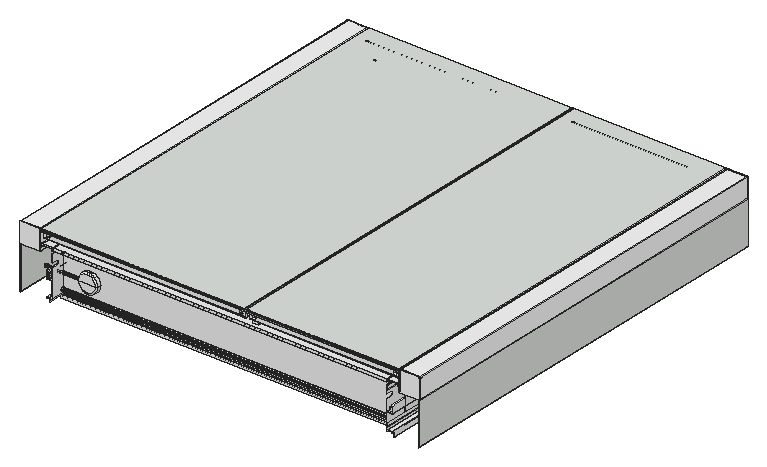
Revit family "Furniture-Lighted_Mirror_Cabinet-KOHLER-Verdera-K-26378T_1", category Lighting Fixtures, host Face, Revit 2021
Family settings
  Host = Face
  Round Connector Dimension = Use Diameter
  Part Type = Normal
  OmniClass Number = 23.25.53.11.13.11
  OmniClass Title = Medicine Cabinet
  Cut with Voids When Loaded = No
  Light Source = Yes
  Shared = No
  Room Calculation Point = No
Parameters (values of type "NA-Mild Silver")
  Width = 30 181/256"  # constant formula
  Wattage Comments = "36W"  # constant formula
  Wattage = 36 W
  WaterSense Certified = 1 = 0  # no
  built-in parameter 1150110 = 1 (stored number, unit not read)
  Voltage = 220 V  # constant formula
  URL = "http://www.kohler.com.cn/"
  Type = 1
  built-in parameter 1114217 = 1 (stored number, unit not read)
  built-in parameter 1150109 = 1 (stored number, unit not read)
  built-in parameter 1150134 = 12
  built-in parameter 1150113 = 1 (stored number, unit not read)
  Product Page URL = "https://www.kohler.com.cn/product/K-26378T-NA/K-26378T-NA/"
  Product Name = "VERDERA"  # constant formula
  Product Documentation Link = "https://files.kohler.com.cn/pdfs/1604632419058_%E6%96%B0%E7%BB%B4%E4%B9%902.0%E9%95%9C%E6%9F%9C%E9%93%B6%E8%89%B2%E7%89%88%E5%AE%89%E8%A3%85%E8%AF%B4%E6%98%8E%E4%B9%A6.pdf"
  Model = "K-26378T-NA"  # constant formula
  Material = "Aluminium"  # constant formula
  Master Format 2014 Name = "Storage Cabinets"  # constant formula
  Master Format 2014 = "41 53 13"  # constant formula
  Manufacturer Address = "Kohler Beijing Office (100016) 36-2-03-B, No. 88, Liuxiang Road, Beijing"  # constant formula
  Manufacturer = "Kohler Co."  # constant formula
  built-in parameter 1150105 = 413.9 (stored number, unit not read)
  Lumens = 1300.32 lm
  built-in parameter 1150115 = 1 (stored number, unit not read)
  Light Source Symbol Size = 9"  # constant formula
  built-in parameter 1150137 = (empty or 0)
  built-in parameter 1150139 = (empty or 0)
  Length = 4 59/64"  # constant formula
  built-in parameter 1150112 = 1 (stored number, unit not read)
  built-in parameter 1150114 = 1 (stored number, unit not read)
  Lamp = "LED "  # constant formula
  built-in parameter 1150132 = 2
  built-in parameter 1150102 = (empty or 0)
  built-in parameter 1150107 = 4000 (stored number, unit not read)
  built-in parameter 1150138 = (empty or 0)
  built-in parameter 1150106 = 4.139 (stored number, unit not read)
  Height = 31 71/128"  # constant formula
  Hardware Included = 1 = 0  # no
  Finish = KOHLER-Metal-NA-Mild_Silver
  Environmental Product Declaration = ""
  Emit from Line Length = 24"
  Electrical Note = "One Dedicated Circuit Required"  # constant formula
  Electrical Connector = 1 = 1  # yes
  built-in parameter 1150104 = 3.3557 (stored number, unit not read)
  Dimming Lamp Color Temperature Shift = Incandescent Lamp Curve
  Description = "New Weile 2.0 Mirror Cabinet (800MM, Silver)"  # constant formula
  Default Elevation = 60"
  Declare Label = ""
  Date Modified = "08/02/2022"  # constant formula
  Date Created = "08/02/2022"  # constant formula
  Copyright = "Copyright Kohler Co."  # constant formula
  Contact Us = "http://www.kohler.com.cn/contact/contact-us/"
  Color Filter = 16777215
  built-in parameter 1114218 = 1 (stored number, unit not read)
  built-in parameter 1150133 = 10 (stored number, unit not read)
  Assembly Code = "E2010"
  Apparent Load = 36 VA  # constant formula
  ADA Compliant = 1 = 0  # no
Reference planes (in)
  plane 1 "Center (Front/Back)": y = 0
  plane 2: z = 0
  plane 3 "Center (Left/Right)": x = 0
  plane 4: y = 15.80709
  plane 5: y = -15.7476
  plane 6: z = 4.92187
  plane 7: y = 15.74846
  plane 8: x = 15.35433
  plane 9: x = -15.3527
  plane 10: x = 1.9685
  plane 11: z = 2.28161
  plane 12: x = 14.5314
  plane 13: z = 4.1342
  plane 14: x = -14.56795
  plane 15: z = 3.34646
  plane 16: x = 2.04724
  plane 17: x = 1.88976
  plane 18: x = 9.96853
  plane 19: x = -13.74016
  plane 20: x = 13.74016
Dimensions and locks (in)
  plane 4 to plane 5 = 31 71/128"
  plane 6 to level = 4 59/64"
  "Length": plane 6 to level
  plane 7 to plane 5 = 31.49606"
  "Height": plane 4 to plane 5
  "Width": plane 9 to plane 8
  plane 16 to plane 20 = 11.69291"
  plane 19 to plane 17 = 15.62992"
  aligned and locked: plane 2 to host face
  aligned and locked: level to host face
Automatic sketch dimensions
  host sketch curve to host sketch curve = 96"  (x2)
Nested families (in)
  nested 1: "K-26378T" at (-1.9685, 0, 0), type "K-26378T"
Connectors (in)
  electrical at (9.96853, 15.80709, 2.28161), driven by "Voltage", driven by "Apparent Load", driven by "Electrical Connector", driven by "Electrical Note"
    settings: on nested 1, index 1, voltage 220 V, apparent load 36 VA, apparent load phase1 0 VA, apparent load phase2 0 VA, apparent load phase3 0 VA, power factor 1, load classification "Lighting", number of poles 1, system type 30, power factor state 1, is connector primary yes, connector utility yes, sub classification motor yes, connector description "One Dedicated Circuit Required"
Definition of nested family "K-26378T"
  Parameters (values of type "K-26378T")
    Wattage = 8.75174 W
    built-in parameter 1150110 = 1 (stored number, unit not read)
    built-in parameter 1114217 = 1 (stored number, unit not read)
    built-in parameter 1150109 = 1 (stored number, unit not read)
    built-in parameter 1150134 = (empty or 0)
    built-in parameter 1150113 = 1 (stored number, unit not read)
    Material = none
    built-in parameter 1150105 = 413.8 (stored number, unit not read)
    Lumens = 1300 lm
    built-in parameter 1150115 = 1 (stored number, unit not read)
    Light Source Symbol Size = 9"
    built-in parameter 1150137 = (empty or 0)
    built-in parameter 1150139 = (empty or 0)
    built-in parameter 1150112 = 1 (stored number, unit not read)
    built-in parameter 1150114 = 1 (stored number, unit not read)
    built-in parameter 1150132 = 2
    built-in parameter 1150102 = (empty or 0)
    built-in parameter 1150107 = 3000 (stored number, unit not read)
    built-in parameter 1150138 = (empty or 0)
    built-in parameter 1150106 = 4.138 (stored number, unit not read)
    Emit from Line Length = 24"
    built-in parameter 1150104 = 13.8 (stored number, unit not read)
    Dimming Lamp Color Temperature Shift = 1
    Default Elevation = 0"
    Color Filter = 16777215
    built-in parameter 1114218 = 1 (stored number, unit not read)
    built-in parameter 1150133 = 10 (stored number, unit not read)
  Reference planes (in)
    plane 1 "Center (Front/Back)": y = 0
    plane 2: z = 0
    plane 3 "Center (Left/Right)": x = 1.9685
    plane 4: x = 17.32283
    plane 5: x = -13.38583
    plane 6: y = 15.80709
    plane 7: y = -15.74803
    plane 8: z = 2.28161
    plane 9: z = 4.92126
    plane 10: y = 15.74803
    plane 11: x = -13.38583
    plane 12: x = 3.93701
    plane 13: z = 4.1342
    plane 14: x = -12.59945
    plane 15: x = 16.53646
    plane 16: z = 3.34646
    plane 17: x = 4.01575
    plane 18: x = 3.85827
    plane 19: x = 15.70866
    plane 20: x = -11.77165
    plane 21: x = 11.93704
  Forms (in)
    Sweep 1, solid
      path origin (0, 0, 0) x (1, 0, 0) y (0, 1, 0)
        loop
          line (15.67717, -15.71654) -> (15.67717, 15.71654) -> (4.04724, 15.71654) -> (4.04724, -15.71654) -> (15.67717, -15.71654)
      profile origin (15.67717, 0, 0) x (-1, 0, 0) y (0, 0, 1)
        loop
          line (0, 4.92126) -> (-0.0315, 4.88976) -> (-0.0315, 4.83465) -> (0, 4.80315) -> (0.77781, 4.80315) -> (0.77781, 4.92126) -> (0, 4.92126)
    Sweep 2, solid
      path origin (-18.89764, 0, 0) x (1, 0, 0) y (0, 1, 0)
        loop
          line (22.72441, -15.71654) -> (22.72441, 15.71654) -> (7.15748, 15.71654) -> (7.15748, -15.71654) -> (22.72441, -15.71654)
      profile origin (3.82677, 0, 0) x (-1, 0, 0) y (0, 0, 1)
        loop
          line (0, 4.92126) -> (-0.0315, 4.88976) -> (-0.0315, 4.83465) -> (0, 4.80315) -> (1.03272, 4.80315) -> (1.03272, 4.92126) -> (0, 4.92126)
    Sweep 3, solid
      path origin (0, 0, 0) x (0, 1, 0) y (0, 0, 1)
        loop
          line (15.70866, 0.11811) -> (15.70866, 3.30709) -> (-15.70866, 3.30709) -> (-15.70866, 0.11811) -> (15.70866, 0.11811)
      profile origin (0, 0, 0.11811) x (0, 0, -1) y (1, 0, 0)
        loop
          line (-0.13338, 17.20472) -> (0, 17.20472) -> (0.03937, 17.24409) -> (0.03937, 17.28346) -> (0, 17.32283) -> (-0.13338, 17.32283) -> (-0.13338, 17.20472)
    Extrusion 4, solid
      sketch origin (-43.39764, 0, 0) x (0, 1, 0) y (0, 0, 1)
        loop
          line (-15.57528, 3.17371) -> (-15.57528, 0.25149) -> (15.57528, 0.25149) -> (15.57528, 3.17371) -> (-15.57528, 3.17371)
      from 60.60236 to 60.72047
    Extrusion 5, solid, material <- "Material", detail levels medium+fine
      sketch origin (0, 0, 0) x (1, 0, 0) y (0, 0, 1)
        loop
          line (15.61007, 3.74016) -> (15.72835, 3.74016)
          arc (15.72835, 3.74016) -> (15.74227, 3.74592) -> (15.74803, 3.75984) r 0.01969
          line (15.74803, 3.75984) -> (15.74803, 3.91732)
          arc (15.74803, 3.91732) -> (15.74227, 3.93124) -> (15.72835, 3.93701) r 0.01969
          line (15.72835, 3.93701) -> (14.78374, 3.93701)
          arc (14.78374, 3.93701) -> (14.76963, 3.93116) -> (14.76378, 3.91705) r 0.01996
          line (14.76378, 3.91705) -> (14.76378, 0.41339)
          arc (14.76378, 0.41339) -> (14.76955, 0.39947) -> (14.78346, 0.3937) r 0.01969
          line (14.78346, 0.3937) -> (15.15227, 0.3937)
          arc (15.15227, 0.3937) -> (15.16709, 0.38756) -> (15.17323, 0.37274) r 0.02096
          line (15.17323, 0.37274) -> (15.17323, 0.03135)
          arc (15.17323, 0.03135) -> (15.20472, -0.00015) -> (15.23622, 0.03135) r 0.0315
          line (15.23622, 0.03135) -> (15.23622, 0.43701)
          arc (15.23622, 0.43701) -> (15.23045, 0.45093) -> (15.21654, 0.45669) r 0.01969
          line (15.21654, 0.45669) -> (14.84646, 0.45669)
          arc (14.84646, 0.45669) -> (14.83254, 0.46246) -> (14.82677, 0.47638) r 0.01969
          line (14.82677, 0.47638) -> (14.82677, 0.63583) -> (14.83858, 0.67991) -> (14.83858, 0.90653) -> (14.82677, 0.93898) -> (14.82677, 1.65354)
          arc (14.82677, 1.65354) -> (14.83254, 1.66746) -> (14.84646, 1.67323) r 0.01969
          line (14.84646, 1.67323) -> (15.21654, 1.67323)
          arc (15.21654, 1.67323) -> (15.23045, 1.67899) -> (15.23622, 1.69291) r 0.01969
          line (15.23622, 1.69291) -> (15.23622, 2.23871)
          arc (15.23622, 2.23871) -> (15.21063, 2.2643) -> (15.18504, 2.23871) r 0.02559
          line (15.18504, 2.23871) -> (15.18504, 2.08895)
          arc (15.18504, 2.08895) -> (15.17534, 2.07199) -> (15.15579, 2.07175) r 0.01969
          arc (15.15579, 2.07175) -> (15.12806, 2.08284) -> (15.09843, 2.08661) r 0.11811
          arc (15.09843, 2.08661) -> (15.05693, 2.07909) -> (15.02073, 2.05746) r 0.11811
          arc (15.02073, 2.05746) -> (15.01788, 2.01591) -> (15.05942, 2.01297) r 0.02948
          arc (15.05942, 2.01297) -> (15.158, 1.96638) -> (15.05717, 1.92489) r 0.0596
          arc (15.05717, 1.92489) -> (15.01607, 1.92398) -> (15.01707, 1.88288) r 0.02904
          arc (15.01707, 1.88288) -> (15.05462, 1.85882) -> (15.09843, 1.85039) r 0.11811
          arc (15.09843, 1.85039) -> (15.12806, 1.85417) -> (15.15579, 1.86526) r 0.11811
          arc (15.15579, 1.86526) -> (15.17534, 1.86502) -> (15.18504, 1.84805) r 0.01969
          line (15.18504, 1.84805) -> (15.18504, 1.75591)
          arc (15.18504, 1.75591) -> (15.17927, 1.74199) -> (15.16535, 1.73622) r 0.01969
          line (15.16535, 1.73622) -> (14.84646, 1.73622)
          arc (14.84646, 1.73622) -> (14.83254, 1.74199) -> (14.82677, 1.75591) r 0.01969
          line (14.82677, 1.75591) -> (14.82677, 3.17424) -> (14.83858, 3.20669) -> (14.83858, 3.48622) -> (14.82677, 3.51867) -> (14.82677, 3.85344)
          arc (14.82677, 3.85344) -> (14.8328, 3.86799) -> (14.84735, 3.87402) r 0.02058
          line (14.84735, 3.87402) -> (15.66535, 3.87402)
          arc (15.66535, 3.87402) -> (15.67927, 3.86825) -> (15.68504, 3.85433) r 0.01969
          line (15.68504, 3.85433) -> (15.68504, 3.82283)
          arc (15.68504, 3.82283) -> (15.67927, 3.80892) -> (15.66535, 3.80315) r 0.01969
          line (15.66535, 3.80315) -> (15.61007, 3.80315) -> (15.61007, 3.74016)
      from -15.74803 to 15.74803
    Extrusion 6, solid
      sketch origin (0, 0, 0) x (-1, 0, 0) y (0, 0, -1)
        loop
          line (-17.32283, -3.38604) -> (-17.32283, -4.88161)
          arc (-17.32283, -4.88161) -> (-17.31122, -4.90965) -> (-17.28318, -4.92126) r 0.03965
          line (-17.28318, -4.92126) -> (-15.78735, -4.92126)
          arc (-15.78735, -4.92126) -> (-15.75955, -4.90974) -> (-15.74803, -4.88194) r 0.03932
          line (-15.74803, -4.88194) -> (-15.74803, -3.38583)
          arc (-15.74803, -3.38583) -> (-15.75956, -3.35799) -> (-15.7874, -3.34646) r 0.03937
          line (-15.7874, -3.34646) -> (-17.28326, -3.34646)
          arc (-17.28326, -3.34646) -> (-17.31124, -3.35805) -> (-17.32283, -3.38604) r 0.03958
        loop
          arc (-15.78735, -4.90157) -> (-15.77347, -4.89582) -> (-15.76772, -4.88194) r 0.01963
          line (-15.76772, -4.88194) -> (-15.76772, -3.38583)
          arc (-15.76772, -3.38583) -> (-15.77348, -3.37191) -> (-15.7874, -3.36614) r 0.01969
          line (-15.7874, -3.36614) -> (-17.28326, -3.36614)
          arc (-17.28326, -3.36614) -> (-17.29732, -3.37197) -> (-17.30315, -3.38604) r 0.01989
          line (-17.30315, -3.38604) -> (-17.30315, -4.88161)
          arc (-17.30315, -4.88161) -> (-17.2973, -4.89573) -> (-17.28318, -4.90157) r 0.01997
          line (-17.28318, -4.90157) -> (-15.78735, -4.90157)
      from -15.68898 to 15.68898
    Extrusion 7, solid, detail levels medium+fine
      sketch origin (0, 0, 0) x (-1, 0, 0) y (0, 0, -1)
        loop
          line (-17.27149, -4.9152) -> (-15.80142, -4.91536)
          arc (-15.80142, -4.91536) -> (-15.76785, -4.90146) -> (-15.75394, -4.86788) r 0.04748
          line (-15.75394, -4.86788) -> (-15.75393, -3.39857)
          arc (-15.75393, -3.39857) -> (-15.76746, -3.3659) -> (-15.80012, -3.35237) r 0.04619
          line (-15.80012, -3.35237) -> (-17.27063, -3.35236)
          arc (-17.27063, -3.35236) -> (-17.30336, -3.36592) -> (-17.31692, -3.39865) r 0.04628
          line (-17.31692, -3.39865) -> (-17.31693, -4.86975)
          arc (-17.31693, -4.86975) -> (-17.30362, -4.90188) -> (-17.27149, -4.9152) r 0.04544
      from -15.74803 to -15.68898
    Extrusion 8, solid
      sketch origin (0, 0, 0) x (-1, 0, 0) y (0, 0, 1)
        loop
          arc (-17.27149, 4.9152) -> (-17.30362, 4.90188) -> (-17.31693, 4.86975) r 0.04544
          line (-17.31693, 4.86975) -> (-17.31692, 3.39865)
          arc (-17.31692, 3.39865) -> (-17.30336, 3.36592) -> (-17.27063, 3.35236) r 0.04628
          line (-17.27063, 3.35236) -> (-15.80012, 3.35237)
          arc (-15.80012, 3.35237) -> (-15.76746, 3.3659) -> (-15.75393, 3.39857) r 0.04619
          line (-15.75393, 3.39857) -> (-15.75394, 4.86788)
          arc (-15.75394, 4.86788) -> (-15.76785, 4.90146) -> (-15.80142, 4.91536) r 0.04748
          line (-15.80142, 4.91536) -> (-17.27149, 4.9152)
      from -15.74803 to -15.68898
    Extrusion 9, solid, material <- "Material", detail levels medium+fine
      sketch origin (0, 0, 0) x (1, 0, 0) y (0, 0, 1)
        loop
          line (15.31496, 1.37795) -> (15.31496, 3.26772) -> (16.77165, 3.26772) -> (16.77165, 3.34646) -> (15.7874, 3.34646) -> (15.27559, 3.34646)
          arc (15.27559, 3.34646) -> (15.24775, 3.33493) -> (15.23622, 3.30709) r 0.03937
          line (15.23622, 3.30709) -> (15.23622, 1.37795) -> (15.31496, 1.37795)
      from -14.54724 to -13.36614
    Extrusion 10, solid, material <- "Material", detail levels medium+fine
      sketch origin (0, -13.8189, 0) x (1, 0, 0) y (0, 0, 1)
        loop
          line (15.31496, 1.37795) -> (15.31496, 3.26772) -> (16.77165, 3.26772) -> (16.77165, 3.34646) -> (15.7874, 3.34646) -> (15.27559, 3.34646)
          arc (15.27559, 3.34646) -> (15.24775, 3.33493) -> (15.23622, 3.30709) r 0.03937
          line (15.23622, 3.30709) -> (15.23622, 1.37795) -> (15.31496, 1.37795)
      from -14.40945 to -13.22835
    Extrusion 11, solid, material <- "Material", detail levels medium+fine
      sketch origin (0, -27.59843, 0) x (1, 0, 0) y (0, 0, 1)
        loop
          line (15.31496, 1.37795) -> (15.31496, 3.26772) -> (16.77165, 3.26772) -> (16.77165, 3.34646) -> (15.7874, 3.34646) -> (15.27559, 3.34646)
          arc (15.27559, 3.34646) -> (15.24775, 3.33493) -> (15.23622, 3.30709) r 0.03937
          line (15.23622, 3.30709) -> (15.23622, 1.37795) -> (15.31496, 1.37795)
      from -14.23228 to -13.05118
    Extrusion 12, solid, material <- "Material", detail levels medium+fine
      sketch origin (0, 0, 0) x (1, 0, 0) y (0, 0, 1)
        loop
          arc (15.64961, 4.75183) -> (15.6438, 4.76585) -> (15.62979, 4.77165) r 0.01982
          line (15.62979, 4.77165) -> (4.0768, 4.77165)
          arc (4.0768, 4.77165) -> (4.06147, 4.7653) -> (4.05512, 4.74998) r 0.02168
          line (4.05512, 4.74998) -> (4.05512, 4.16324)
          arc (4.05512, 4.16324) -> (4.06142, 4.14803) -> (4.07663, 4.14173) r 0.02151
          line (4.07663, 4.14173) -> (15.60922, 4.14173)
          arc (15.60922, 4.14173) -> (15.63778, 4.15356) -> (15.64961, 4.18211) r 0.04038
          line (15.64961, 4.18211) -> (15.64961, 4.75183)
      from -15.41339 to 15.41339
    Extrusion 13, solid, material <- "Material", detail levels medium+fine
      sketch origin (0, 0, 0.00124) x (0, 1, 0) y (0, 0, 1)
        loop
          line (15.51181, 4.1897) -> (15.51181, 4.63386)
          arc (15.51181, 4.63386) -> (15.52334, 4.6617) -> (15.55118, 4.67323) r 0.03937
          line (15.55118, 4.67323) -> (15.66022, 4.67323)
          arc (15.66022, 4.67323) -> (15.70943, 4.72244) -> (15.66022, 4.77165) r 0.04921
          line (15.66022, 4.77165) -> (15.41339, 4.77165) -> (15.41339, 4.1897)
          arc (15.41339, 4.1897) -> (15.4626, 4.14049) -> (15.51181, 4.1897) r 0.04921
      from 4.05512 to 15.66929
    Extrusion 14, solid, material <- "Material", detail levels medium+fine
      sketch origin (-14.4685, 0, 0.03182) x (0, 1, 0) y (0, 0, 1)
        loop
          line (15.51181, 4.19063) -> (15.51181, 4.63386)
          arc (15.51181, 4.63386) -> (15.52334, 4.6617) -> (15.55118, 4.67323) r 0.03937
          line (15.55118, 4.67323) -> (15.66022, 4.67323)
          arc (15.66022, 4.67323) -> (15.70929, 4.7223) -> (15.66022, 4.77137) r 0.04907
          line (15.66022, 4.77137) -> (15.41339, 4.77137) -> (15.41339, 4.19063)
          arc (15.41339, 4.19063) -> (15.4626, 4.14142) -> (15.51181, 4.19063) r 0.04921
      from 2.73622 to 16.77165
    Extrusion 15, solid, material <- "Material", detail levels medium+fine
      sketch origin (0.005, 0, 0.03268) x (1, 0, 0) y (0, 0, 1)
        loop
          line (2.31853, 4.14055) -> (3.7852, 4.14055)
          arc (3.7852, 4.14055) -> (3.79962, 4.14563) -> (3.80766, 4.15862) r 0.02299
          arc (3.80766, 4.15862) -> (3.80857, 4.17899) -> (3.8026, 4.19848) r 0.05991
          arc (3.8026, 4.19848) -> (3.74214, 4.46544) -> (3.8147, 4.72938) r 0.56315
          arc (3.8147, 4.72938) -> (3.80461, 4.75824) -> (3.77658, 4.77047) r 0.03822
          line (3.77658, 4.77047) -> (2.31787, 4.77047)
          arc (2.31787, 4.77047) -> (2.30393, 4.7647) -> (2.29815, 4.75076) r 0.01971
          line (2.29815, 4.75076) -> (2.29815, 4.16093)
          arc (2.29815, 4.16093) -> (2.30412, 4.14652) -> (2.31853, 4.14055) r 0.02038
      from -15.735 to 15.41339
    Extrusion 16, void
      sketch origin (0.005, 0, 0.03268) x (0, 1, 0) y (0, 0, 1)
        loop
          line (15.65878, 4.67236) -> (15.51797, 4.67236)
          arc (15.51797, 4.67236) -> (15.48578, 4.65903) -> (15.47244, 4.62683) r 0.04553
          line (15.47244, 4.62683) -> (15.47244, 4.12818) -> (15.78687, 4.12818) -> (15.78687, 4.80708) -> (15.65878, 4.80708)
          arc (15.65878, 4.80708) -> (15.72614, 4.73972) -> (15.65878, 4.67236) r 0.06736
      from 2.2822 to 3.94253
    Extrusion 17, solid
      sketch origin (0, 0, 0) x (1, 0, 0) y (0, 1, 0)
        loop
          line (-11.61365, 15.59003) -> (-11.61365, -15.59003) -> (3.71995, -15.59003) -> (3.71995, 15.59003) -> (-11.61365, 15.59003)
      from 4.80315 to 4.92126
    Sweep 18, solid
      path origin (3.93701, 0, 0) x (0, 1, 0) y (0, 0, -1)
        loop
          line (15.70866, -0.11811) -> (-15.70866, -0.11811) -> (-15.70866, -3.30709) -> (15.70866, -3.30709) -> (15.70866, -0.11811)
      profile origin (3.93701, 0, 0.11811) x (0, 0, 1) y (-1, 0, 0)
        loop
          line (0.13338, 17.20472) -> (0.13338, 17.32283) -> (0, 17.32283) -> (-0.03937, 17.28346) -> (-0.03937, 17.24409) -> (0, 17.20472) -> (0.13338, 17.20472)
    Extrusion 19, solid
      sketch origin (3.93701, 0, 0) x (0, 1, 0) y (0, 0, -1)
        loop
          line (-15.57528, -3.17371) -> (15.57528, -3.17371) -> (15.57528, -0.25149) -> (-15.57528, -0.25149) -> (-15.57528, -3.17371)
      from 17.20472 to 17.32283
    Extrusion 20, solid
      sketch origin (3.93582, 0, 0) x (1, 0, 0) y (0, 0, 1)
        loop
          arc (-17.32283, 3.38604) -> (-17.31124, 3.35805) -> (-17.28326, 3.34646) r 0.03958
          line (-17.28326, 3.34646) -> (-15.7874, 3.34646)
          arc (-15.7874, 3.34646) -> (-15.75956, 3.35799) -> (-15.74803, 3.38583) r 0.03937
          line (-15.74803, 3.38583) -> (-15.74803, 4.88194)
          arc (-15.74803, 4.88194) -> (-15.75955, 4.90974) -> (-15.78735, 4.92126) r 0.03932
          line (-15.78735, 4.92126) -> (-17.28318, 4.92126)
          arc (-17.28318, 4.92126) -> (-17.31122, 4.90965) -> (-17.32283, 4.88161) r 0.03965
          line (-17.32283, 4.88161) -> (-17.32283, 3.38604)
        loop
          line (-15.78735, 4.90157) -> (-17.28318, 4.90157)
          arc (-17.28318, 4.90157) -> (-17.2973, 4.89573) -> (-17.30315, 4.88161) r 0.01997
          line (-17.30315, 4.88161) -> (-17.30315, 3.38604)
          arc (-17.30315, 3.38604) -> (-17.29732, 3.37197) -> (-17.28326, 3.36614) r 0.01989
          line (-17.28326, 3.36614) -> (-15.7874, 3.36614)
          arc (-15.7874, 3.36614) -> (-15.77348, 3.37191) -> (-15.76772, 3.38583) r 0.01969
          line (-15.76772, 3.38583) -> (-15.76772, 4.88194)
          arc (-15.76772, 4.88194) -> (-15.77347, 4.89582) -> (-15.78735, 4.90157) r 0.01963
      from -15.68898 to 15.68898
    Extrusion 21, solid, material <- "Material", detail levels medium+fine
      sketch origin (3.93701, 0, 0) x (-1, 0, 0) y (0, 0, -1)
        loop
          line (15.31496, -1.37795) -> (15.23622, -1.37795) -> (15.23622, -3.30709)
          arc (15.23622, -3.30709) -> (15.24775, -3.33493) -> (15.27559, -3.34646) r 0.03937
          line (15.27559, -3.34646) -> (15.7874, -3.34646) -> (16.77165, -3.34646) -> (16.77165, -3.26772) -> (15.31496, -3.26772) -> (15.31496, -1.37795)
      from -14.54724 to -13.36614
    Extrusion 22, solid, material <- "Material", detail levels medium+fine
      sketch origin (3.93701, -13.8189, 0) x (-1, 0, 0) y (0, 0, -1)
        loop
          line (15.31496, -1.37795) -> (15.23622, -1.37795) -> (15.23622, -3.30709)
          arc (15.23622, -3.30709) -> (15.24775, -3.33493) -> (15.27559, -3.34646) r 0.03937
          line (15.27559, -3.34646) -> (15.7874, -3.34646) -> (16.77165, -3.34646) -> (16.77165, -3.26772) -> (15.31496, -3.26772) -> (15.31496, -1.37795)
      from -14.40945 to -13.22835
    Extrusion 23, solid, material <- "Material", detail levels medium+fine
      sketch origin (3.93701, -27.59843, 0) x (-1, 0, 0) y (0, 0, -1)
        loop
          line (15.31496, -1.37795) -> (15.23622, -1.37795) -> (15.23622, -3.30709)
          arc (15.23622, -3.30709) -> (15.24775, -3.33493) -> (15.27559, -3.34646) r 0.03937
          line (15.27559, -3.34646) -> (15.7874, -3.34646) -> (16.77165, -3.34646) -> (16.77165, -3.26772) -> (15.31496, -3.26772) -> (15.31496, -1.37795)
      from -14.23228 to -13.05118
    Extrusion 24, solid
      sketch origin (0, 0, 0) x (1, 0, 0) y (0, 1, 0)
        loop
          line (4.15407, 15.59003) -> (4.15407, -15.59003) -> (15.53097, -15.59003) -> (15.53097, 15.59003) -> (4.15407, 15.59003)
      from 4.80315 to 4.92126
    Extrusion 25, solid, material <- "Material", detail levels medium+fine
      sketch origin (0, 0, 0) x (0, 1, 0) y (0, 0, 1)
        loop
          line (-15.03937, 0.45669) -> (-15.03937, 0.23626) -> (-14.98031, 0.23626) -> (-14.98031, 0.3937) -> (-14.48876, 0.3937) -> (-14.48876, 0.45669) -> (-14.76378, 0.45669) -> (-14.76378, 3.93701) -> (-15.74803, 3.93701) -> (-15.74803, 3.74016) -> (-15.61024, 3.74016) -> (-15.61024, 3.80315) -> (-15.68504, 3.80315) -> (-15.68504, 3.87402) -> (-14.82677, 3.87402) -> (-14.82677, 3.4609)
          arc (-14.82677, 3.4609) -> (-14.83776, 3.44238) -> (-14.85928, 3.44316) r 0.0211
          arc (-14.85928, 3.44316) -> (-14.93337, 3.46127) -> (-15.00287, 3.42988) r 0.117
          arc (-15.00287, 3.42988) -> (-15.00421, 3.38943) -> (-14.96377, 3.38776) r 0.02873
          arc (-14.96377, 3.38776) -> (-14.86285, 3.34318) -> (-14.9639, 3.29888) r 0.06027
          arc (-14.9639, 3.29888) -> (-15.00456, 3.29736) -> (-15.00344, 3.25669) r 0.02891
          arc (-15.00344, 3.25669) -> (-14.93136, 3.22459) -> (-14.8553, 3.24555) r 0.117
          arc (-14.8553, 3.24555) -> (-14.83653, 3.2468) -> (-14.82677, 3.23073) r 0.01811
          line (-14.82677, 3.23073) -> (-14.82677, 0.90007)
          arc (-14.82677, 0.90007) -> (-14.83653, 0.884) -> (-14.8553, 0.88525) r 0.01811
          arc (-14.8553, 0.88525) -> (-14.93136, 0.90621) -> (-15.00344, 0.87412) r 0.117
          arc (-15.00344, 0.87412) -> (-15.00456, 0.83345) -> (-14.9639, 0.83193) r 0.02891
          arc (-14.9639, 0.83193) -> (-14.86285, 0.78763) -> (-14.96377, 0.74304) r 0.06027
          arc (-14.96377, 0.74304) -> (-15.00421, 0.74137) -> (-15.00287, 0.70092) r 0.02873
          arc (-15.00287, 0.70092) -> (-14.93337, 0.66953) -> (-14.85928, 0.68764) r 0.117
          arc (-14.85928, 0.68764) -> (-14.83776, 0.68842) -> (-14.82677, 0.6699) r 0.0211
          line (-14.82677, 0.6699) -> (-14.82677, 0.45669) -> (-15.03937, 0.45669)
      from -10.82677 to 14.76378
    Extrusion 26, solid, material <- "Material", detail levels medium+fine
      sketch origin (0, 0, 0.00124) x (0, -1, 0) y (0, 0, -1)
        loop
          arc (15.51181, -4.1897) -> (15.4626, -4.14049) -> (15.41339, -4.1897) r 0.04921
          line (15.41339, -4.1897) -> (15.41339, -4.77041) -> (15.66022, -4.77041)
          arc (15.66022, -4.77041) -> (15.70943, -4.7212) -> (15.66022, -4.67198) r 0.04921
          line (15.66022, -4.67198) -> (15.55118, -4.67198)
          arc (15.55118, -4.67198) -> (15.52334, -4.66045) -> (15.51181, -4.63261) r 0.03937
          line (15.51181, -4.63261) -> (15.51181, -4.1897)
      from 4.05512 to 15.66929
    Extrusion 27, solid, material <- "Material", detail levels medium+fine
      sketch origin (-14.4685, 0, 0.03306) x (0, -1, 0) y (0, 0, -1)
        loop
          arc (15.51181, -4.1897) -> (15.4626, -4.14049) -> (15.41339, -4.1897) r 0.04921
          line (15.41339, -4.1897) -> (15.41339, -4.77165) -> (15.66022, -4.77165)
          arc (15.66022, -4.77165) -> (15.70943, -4.72244) -> (15.66022, -4.67323) r 0.04921
          line (15.66022, -4.67323) -> (15.55118, -4.67323)
          arc (15.55118, -4.67323) -> (15.52334, -4.6617) -> (15.51181, -4.63386) r 0.03937
          line (15.51181, -4.63386) -> (15.51181, -4.1897)
      from 2.73622 to 18.2874
    Extrusion 28, solid, material <- "Material", detail levels medium+fine
      sketch origin (0, 0, 0) x (0, 1, 0) y (0, 0, 1)
        loop
          line (15.63884, 3.64158) -> (15.74606, 3.63976) -> (15.74606, 0.29724) -> (15.63706, 0.2954)
          arc (15.63706, 0.2954) -> (15.60797, 0.26556) -> (15.63756, 0.23622) r 0.02959
          line (15.63756, 0.23622) -> (15.74438, 0.23622)
          arc (15.74438, 0.23622) -> (15.78872, 0.25459) -> (15.80709, 0.29893) r 0.06271
          line (15.80709, 0.29893) -> (15.80709, 3.64065)
          arc (15.80709, 3.64065) -> (15.78947, 3.68317) -> (15.74695, 3.70079) r 0.06013
          line (15.74695, 3.70079) -> (15.63934, 3.70079)
          arc (15.63934, 3.70079) -> (15.60974, 3.67143) -> (15.63884, 3.64158) r 0.02961
      from -11.61417 to 15.55118
    Revolve 29, solid, material <- "Material", detail levels medium+fine
      sketch origin (-12.11044, -180, 1.95097) x (-1, 0, 0) y (0, -1, 0)
        loop
          line (-4.07469, -164.84055) -> (-4.18115, -164.94701) -> (-4.18115, -165.17323) -> (-3.43307, -165.17323) -> (-3.43307, -164.84055) -> (-4.07469, -164.84055)
        axis (-3.43307, -164.84055) -> (-3.43307, -165.17323)
      angle from 0 to 360
    Extrusion 30, solid, material <- "Material", detail levels medium+fine
      sketch origin (3.93701, 0, 0) x (1, 0, 0) y (0, 1, 0)
        loop
          arc (-13.94228, 10.4252) -> (-13.83093, 10.47132) -> (-13.7848, 10.58268) r 0.15748
          line (-13.7848, 10.58268) -> (-13.7848, 12.88189)
          arc (-13.7848, 12.88189) -> (-13.83093, 12.99325) -> (-13.94228, 13.03937) r 0.15748
          line (-13.94228, 13.03937) -> (-14.49346, 13.03937)
          arc (-14.49346, 13.03937) -> (-14.60482, 12.99325) -> (-14.65094, 12.88189) r 0.15748
          line (-14.65094, 12.88189) -> (-14.65094, 10.58268)
          arc (-14.65094, 10.58268) -> (-14.60482, 10.47132) -> (-14.49346, 10.4252) r 0.15748
          line (-14.49346, 10.4252) -> (-13.94228, 10.4252)
      from 3.95959 to 4.0777
    Extrusion 31, solid, material <- "Material", detail levels medium+fine
      sketch origin (3.93701, 0, 0) x (1, 0, 0) y (0, 1, 0)
        loop
          line (-13.88583, 9.44013) -> (-13.88583, 9.5756)
          arc (-13.88583, 9.5756) -> (-14.17415, 9.80205) -> (-14.46063, 9.57326) r 0.29526
          line (-14.46063, 9.57326) -> (-14.46063, 9.44247)
          arc (-14.46063, 9.44247) -> (-14.17415, 9.21368) -> (-13.88583, 9.44013) r 0.29526
      from 3.98425 to 4.14173
    Extrusion 32, solid, material <- "Material", detail levels medium+fine
      sketch origin (3.93701, 0, 0) x (1, 0, 0) y (0, 1, 0)
        loop
          arc (-14.65094, 10.91435) -> (-13.89608, 11.73228) -> (-14.65094, 12.55022) r 0.82057
          arc (-14.65094, 12.55022) -> (-15.11621, 12.45383) -> (-15.45629, 12.122) r 0.84665
          arc (-15.45629, 12.122) -> (-15.45815, 12.06673) -> (-15.41397, 12.03346) r 0.05993
          arc (-15.41397, 12.03346) -> (-15.4759, 11.73228) -> (-15.41397, 11.4311) r 0.76329
          arc (-15.41397, 11.4311) -> (-15.45815, 11.39784) -> (-15.45629, 11.34256) r 0.05993
          arc (-15.45629, 11.34256) -> (-15.11621, 11.01074) -> (-14.65094, 10.91435) r 0.84665
      from 4.05801 to 4.17323
    Extrusion 33, solid, material <- "Material", detail levels medium+fine
      sketch origin (0, 0, 0) x (-1, 0, 0) y (0, -1, 0)
        loop
          line (-13.94228, -10.4252) -> (-14.49346, -10.4252)
          arc (-14.49346, -10.4252) -> (-14.60482, -10.47132) -> (-14.65094, -10.58268) r 0.15748
          line (-14.65094, -10.58268) -> (-14.65094, -12.88189)
          arc (-14.65094, -12.88189) -> (-14.60482, -12.99325) -> (-14.49346, -13.03937) r 0.15748
          line (-14.49346, -13.03937) -> (-13.94228, -13.03937)
          arc (-13.94228, -13.03937) -> (-13.83093, -12.99325) -> (-13.7848, -12.88189) r 0.15748
          line (-13.7848, -12.88189) -> (-13.7848, -10.58268)
          arc (-13.7848, -10.58268) -> (-13.83093, -10.47132) -> (-13.94228, -10.4252) r 0.15748
      from 3.95959 to 4.0777
    Extrusion 34, solid, material <- "Material", detail levels medium+fine
      sketch origin (0, 0, 0) x (-1, 0, 0) y (0, -1, 0)
        loop
          arc (-13.88583, -9.44013) -> (-14.17415, -9.21368) -> (-14.46063, -9.44247) r 0.29526
          line (-14.46063, -9.44247) -> (-14.46063, -9.57326)
          arc (-14.46063, -9.57326) -> (-14.17415, -9.80205) -> (-13.88583, -9.5756) r 0.29526
          line (-13.88583, -9.5756) -> (-13.88583, -9.44013)
      from 3.98425 to 4.14173
    Extrusion 35, solid, material <- "Material", detail levels medium+fine
      sketch origin (0, 0, 0) x (-1, 0, 0) y (0, -1, 0)
        loop
          arc (-14.65094, -10.91435) -> (-15.11621, -11.01074) -> (-15.45629, -11.34256) r 0.84665
          arc (-15.45629, -11.34256) -> (-15.45815, -11.39784) -> (-15.41397, -11.4311) r 0.05993
          arc (-15.41397, -11.4311) -> (-15.4759, -11.73228) -> (-15.41397, -12.03346) r 0.76329
          arc (-15.41397, -12.03346) -> (-15.45815, -12.06673) -> (-15.45629, -12.122) r 0.05993
          arc (-15.45629, -12.122) -> (-15.11621, -12.45383) -> (-14.65094, -12.55022) r 0.84665
          arc (-14.65094, -12.55022) -> (-13.89608, -11.73228) -> (-14.65094, -10.91435) r 0.82057
      from 4.05801 to 4.14173
    Extrusion 36, solid, material <- "Material", detail levels medium+fine
      sketch origin (0, 0, 0) x (-1, 0, 0) y (0, -1, 0)
        loop
          arc (-13.94228, 10.4252) -> (-13.83093, 10.47132) -> (-13.7848, 10.58268) r 0.15748
          line (-13.7848, 10.58268) -> (-13.7848, 12.88189)
          arc (-13.7848, 12.88189) -> (-13.83093, 12.99325) -> (-13.94228, 13.03937) r 0.15748
          line (-13.94228, 13.03937) -> (-14.49346, 13.03937)
          arc (-14.49346, 13.03937) -> (-14.60482, 12.99325) -> (-14.65094, 12.88189) r 0.15748
          line (-14.65094, 12.88189) -> (-14.65094, 10.58268)
          arc (-14.65094, 10.58268) -> (-14.60482, 10.47132) -> (-14.49346, 10.4252) r 0.15748
          line (-14.49346, 10.4252) -> (-13.94228, 10.4252)
      from 3.95959 to 4.0777
    Extrusion 37, solid, material <- "Material", detail levels medium+fine
      sketch origin (0, 0, 0) x (-1, 0, 0) y (0, -1, 0)
        loop
          line (-13.88583, 9.44013) -> (-13.88583, 9.5756)
          arc (-13.88583, 9.5756) -> (-14.17415, 9.80205) -> (-14.46063, 9.57326) r 0.29526
          line (-14.46063, 9.57326) -> (-14.46063, 9.44247)
          arc (-14.46063, 9.44247) -> (-14.17415, 9.21368) -> (-13.88583, 9.44013) r 0.29526
      from 3.98425 to 4.14173
    Extrusion 38, solid, material <- "Material", detail levels medium+fine
      sketch origin (0, 0, 0) x (-1, 0, 0) y (0, -1, 0)
        loop
          arc (-14.65094, 10.91435) -> (-13.89608, 11.73228) -> (-14.65094, 12.55022) r 0.82057
          arc (-14.65094, 12.55022) -> (-15.11621, 12.45383) -> (-15.45629, 12.122) r 0.84665
          arc (-15.45629, 12.122) -> (-15.45815, 12.06673) -> (-15.41397, 12.03346) r 0.05993
          arc (-15.41397, 12.03346) -> (-15.4759, 11.73228) -> (-15.41397, 11.4311) r 0.76329
          arc (-15.41397, 11.4311) -> (-15.45815, 11.39784) -> (-15.45629, 11.34256) r 0.05993
          arc (-15.45629, 11.34256) -> (-15.11621, 11.01074) -> (-14.65094, 10.91435) r 0.84665
      from 4.05801 to 4.14173
    Extrusion 39, solid, material <- "Material", detail levels medium+fine
      sketch origin (0, 0, 0) x (1, 0, 0) y (0, 0, 1)
        loop
          line (16.40179, 3.20866) -> (16.67009, 3.20866)
          arc (16.67009, 3.20866) -> (16.68623, 3.21535) -> (16.69291, 3.23149) r 0.02283
          line (16.69291, 3.23149) -> (16.69291, 3.27559) -> (16.82619, 3.27559)
          arc (16.82619, 3.27559) -> (16.84052, 3.28153) -> (16.84646, 3.29585) r 0.02026
          line (16.84646, 3.29585) -> (16.84646, 3.34646) -> (16.22441, 3.34646) -> (16.22441, 3.29721)
          arc (16.22441, 3.29721) -> (16.23074, 3.28192) -> (16.24602, 3.27559) r 0.02161
          line (16.24602, 3.27559) -> (16.37795, 3.27559) -> (16.37795, 3.2325)
          arc (16.37795, 3.2325) -> (16.38494, 3.21564) -> (16.40179, 3.20866) r 0.02384
      from -2.91339 to -2.59843
    Extrusion 40, solid, material <- "Material", detail levels medium+fine
      sketch origin (0, 0, -0.32911) x (0, 1, 0) y (0, 0, 1)
        loop
          circle (-14.88655, 2.31804) r 0.05909
        loop
          circle (-14.88655, 2.18599) r 0.05801
      from -12.10759 to -9.1626
    Extrusion 41, solid, material <- "Material", detail levels medium+fine
      sketch origin (0, 0, 0) x (0, -1, 0) y (0, 0, -1)
        loop
          line (-15.03937, -0.45669) -> (-14.82677, -0.45669) -> (-14.82677, -0.6699)
          arc (-14.82677, -0.6699) -> (-14.83776, -0.68842) -> (-14.85928, -0.68764) r 0.0211
          arc (-14.85928, -0.68764) -> (-14.93337, -0.66953) -> (-15.00287, -0.70092) r 0.117
          arc (-15.00287, -0.70092) -> (-15.00421, -0.74137) -> (-14.96377, -0.74304) r 0.02873
          arc (-14.96377, -0.74304) -> (-14.86285, -0.78763) -> (-14.9639, -0.83193) r 0.06027
          arc (-14.9639, -0.83193) -> (-15.00456, -0.83345) -> (-15.00344, -0.87412) r 0.02891
          arc (-15.00344, -0.87412) -> (-14.93136, -0.90621) -> (-14.8553, -0.88525) r 0.117
          arc (-14.8553, -0.88525) -> (-14.83653, -0.884) -> (-14.82677, -0.90007) r 0.01811
          line (-14.82677, -0.90007) -> (-14.82677, -3.23073)
          arc (-14.82677, -3.23073) -> (-14.83653, -3.2468) -> (-14.8553, -3.24555) r 0.01811
          arc (-14.8553, -3.24555) -> (-14.93136, -3.22459) -> (-15.00344, -3.25669) r 0.117
          arc (-15.00344, -3.25669) -> (-15.00456, -3.29736) -> (-14.9639, -3.29888) r 0.02891
          arc (-14.9639, -3.29888) -> (-14.86285, -3.34318) -> (-14.96377, -3.38776) r 0.06027
          arc (-14.96377, -3.38776) -> (-15.00421, -3.38943) -> (-15.00287, -3.42988) r 0.02873
          arc (-15.00287, -3.42988) -> (-14.93337, -3.46127) -> (-14.85928, -3.44316) r 0.117
          arc (-14.85928, -3.44316) -> (-14.83776, -3.44238) -> (-14.82677, -3.4609) r 0.0211
          line (-14.82677, -3.4609) -> (-14.82677, -3.87402) -> (-15.68504, -3.87402) -> (-15.68504, -3.80315) -> (-15.61024, -3.80315) -> (-15.61024, -3.74016) -> (-15.74803, -3.74016) -> (-15.74803, -3.93701) -> (-14.76378, -3.93701) -> (-14.76378, -0.45669) -> (-14.48876, -0.45669) -> (-14.48876, -0.3937) -> (-14.98031, -0.3937) -> (-14.98031, -0.23626) -> (-15.03937, -0.23626) -> (-15.03937, -0.45669)
      from -10.82677 to 14.76378
    Extrusion 42, solid, material <- "Material", detail levels medium+fine
      sketch origin (0.01845, 0, 0) x (1, 0, 0) y (0, 1, 0)
        loop
          line (4.63976, 14.93748) -> (4.63976, 15.37748)
          arc (4.63976, 15.37748) -> (4.63098, 15.39869) -> (4.60976, 15.40748) r 0.03
          line (4.60976, 15.40748) -> (4.16976, 15.40748)
          arc (4.16976, 15.40748) -> (4.14855, 15.39869) -> (4.13976, 15.37748) r 0.03
          line (4.13976, 15.37748) -> (4.13976, 14.93748)
          arc (4.13976, 14.93748) -> (4.14855, 14.91627) -> (4.16976, 14.90748) r 0.03
          line (4.16976, 14.90748) -> (4.60976, 14.90748)
          arc (4.60976, 14.90748) -> (4.63098, 14.91627) -> (4.63976, 14.93748) r 0.03
      from 3.95565 to 4.14173
    Extrusion 43, solid, material <- "Material", detail levels medium+fine
      sketch origin (0, 0, 0) x (1, 0, 0) y (0, 1, 0)
        loop
          line (4.22882, -15.40748) -> (4.66882, -15.40748)
          arc (4.66882, -15.40748) -> (4.69003, -15.39869) -> (4.69882, -15.37748) r 0.03
          line (4.69882, -15.37748) -> (4.69882, -14.93748)
          arc (4.69882, -14.93748) -> (4.69003, -14.91627) -> (4.66882, -14.90748) r 0.03
          line (4.66882, -14.90748) -> (4.22882, -14.90748)
          arc (4.22882, -14.90748) -> (4.20761, -14.91627) -> (4.19882, -14.93748) r 0.03
          line (4.19882, -14.93748) -> (4.19882, -15.37748)
          arc (4.19882, -15.37748) -> (4.20761, -15.39869) -> (4.22882, -15.40748) r 0.03
      from 3.94439 to 4.14173
    Extrusion 44, solid, material <- "Material", detail levels medium+fine
      sketch origin (3.93701, 0, 0) x (-1, 0, 0) y (0, 0, -1)
        loop
          line (15.61007, -3.74016) -> (15.61007, -3.80315) -> (15.66535, -3.80315)
          arc (15.66535, -3.80315) -> (15.67927, -3.80892) -> (15.68504, -3.82283) r 0.01969
          line (15.68504, -3.82283) -> (15.68504, -3.85433)
          arc (15.68504, -3.85433) -> (15.67927, -3.86825) -> (15.66535, -3.87402) r 0.01969
          line (15.66535, -3.87402) -> (14.84735, -3.87402)
          arc (14.84735, -3.87402) -> (14.8328, -3.86799) -> (14.82677, -3.85344) r 0.02058
          line (14.82677, -3.85344) -> (14.82677, -3.51867) -> (14.83858, -3.48622) -> (14.83858, -3.20669) -> (14.82677, -3.17424) -> (14.82677, -1.75591)
          arc (14.82677, -1.75591) -> (14.83254, -1.74199) -> (14.84646, -1.73622) r 0.01969
          line (14.84646, -1.73622) -> (15.16535, -1.73622)
          arc (15.16535, -1.73622) -> (15.17927, -1.74199) -> (15.18504, -1.75591) r 0.01969
          line (15.18504, -1.75591) -> (15.18504, -1.84805)
          arc (15.18504, -1.84805) -> (15.17534, -1.86502) -> (15.15579, -1.86526) r 0.01969
          arc (15.15579, -1.86526) -> (15.12806, -1.85417) -> (15.09843, -1.85039) r 0.11811
          arc (15.09843, -1.85039) -> (15.05462, -1.85882) -> (15.01707, -1.88288) r 0.11811
          arc (15.01707, -1.88288) -> (15.01607, -1.92398) -> (15.05717, -1.92489) r 0.02904
          arc (15.05717, -1.92489) -> (15.158, -1.96638) -> (15.05942, -2.01297) r 0.0596
          arc (15.05942, -2.01297) -> (15.01788, -2.01591) -> (15.02073, -2.05746) r 0.02948
          arc (15.02073, -2.05746) -> (15.05693, -2.07909) -> (15.09843, -2.08661) r 0.11811
          arc (15.09843, -2.08661) -> (15.12806, -2.08284) -> (15.15579, -2.07175) r 0.11811
          arc (15.15579, -2.07175) -> (15.17534, -2.07199) -> (15.18504, -2.08895) r 0.01969
          line (15.18504, -2.08895) -> (15.18504, -2.23871)
          arc (15.18504, -2.23871) -> (15.21063, -2.2643) -> (15.23622, -2.23871) r 0.02559
          line (15.23622, -2.23871) -> (15.23622, -1.69291)
          arc (15.23622, -1.69291) -> (15.23045, -1.67899) -> (15.21654, -1.67323) r 0.01969
          line (15.21654, -1.67323) -> (14.84646, -1.67323)
          arc (14.84646, -1.67323) -> (14.83254, -1.66746) -> (14.82677, -1.65354) r 0.01969
          line (14.82677, -1.65354) -> (14.82677, -0.93898) -> (14.83858, -0.90653) -> (14.83858, -0.67991) -> (14.82677, -0.63583) -> (14.82677, -0.47638)
          arc (14.82677, -0.47638) -> (14.83254, -0.46246) -> (14.84646, -0.45669) r 0.01969
          line (14.84646, -0.45669) -> (15.21654, -0.45669)
          arc (15.21654, -0.45669) -> (15.23045, -0.45093) -> (15.23622, -0.43701) r 0.01969
          line (15.23622, -0.43701) -> (15.23622, -0.03199)
          arc (15.23622, -0.03199) -> (15.20472, -0.00049) -> (15.17323, -0.03199) r 0.0315
          line (15.17323, -0.03199) -> (15.17323, -0.37274)
          arc (15.17323, -0.37274) -> (15.16709, -0.38756) -> (15.15227, -0.3937) r 0.02096
          line (15.15227, -0.3937) -> (14.78346, -0.3937)
          arc (14.78346, -0.3937) -> (14.76955, -0.39947) -> (14.76378, -0.41339) r 0.01969
          line (14.76378, -0.41339) -> (14.76378, -3.91705)
          arc (14.76378, -3.91705) -> (14.76963, -3.93116) -> (14.78374, -3.93701) r 0.01996
          line (14.78374, -3.93701) -> (15.72835, -3.93701)
          arc (15.72835, -3.93701) -> (15.74227, -3.93124) -> (15.74803, -3.91732) r 0.01969
          line (15.74803, -3.91732) -> (15.74803, -3.75984)
          arc (15.74803, -3.75984) -> (15.74227, -3.74592) -> (15.72835, -3.74016) r 0.01969
          line (15.72835, -3.74016) -> (15.61007, -3.74016)
      from -15.74803 to 15.74803
    Sweep 45, solid, detail levels medium+fine
      path origin (0, 0, 0) x (1, 0, 0) y (0, 1, 0)
        loop
          line (15.09449, 14.90157) -> (-11.29921, 14.90157) -> (-11.29921, -14.90157) -> (15.09449, -14.90157) -> (15.09449, 14.90157)
      profile origin (-11.29921, 14.90157, 0) x (1, 0, 0) y (0, 0, 1)
        loop
          line (0, 0.3937) -> (-0.03937, 0.35433) -> (-0.03937, 0.31496) -> (0, 0.27559) -> (0.15748, 0.27559) -> (0.15748, 0.3937) -> (0, 0.3937)
    Extrusion 46, solid, detail levels medium+fine
      sketch origin (0, 0, 0) x (1, 0, 0) y (0, 1, 0)
        loop
          line (14.93701, 14.74409) -> (-11.29921, 14.74409) -> (-11.29921, -14.74409) -> (14.93701, -14.74409) -> (14.93701, 14.74409)
      from 0.27559 to 0.3937
    Extrusion 47, void
      sketch origin (0, 0, 0) x (0, 1, 0) y (0, 0, 1)
        loop
          line (-15.36011, 2.95276) -> (-15.87343, 2.95276) -> (-15.87343, 3.54331) -> (-15.51181, 3.54331) -> (-15.51181, 3.74016) -> (-16.07028, 3.74016) -> (-16.07028, -0.05519) -> (-15.51181, -0.05519) -> (-15.51181, 0.31496)
          arc (-15.51181, 0.31496) -> (-15.52334, 0.3428) -> (-15.55118, 0.35433) r 0.03937
          line (-15.55118, 0.35433) -> (-15.87343, 0.35433) -> (-15.87343, 2.55906) -> (-15.36011, 2.55906)
          arc (-15.36011, 2.55906) -> (-15.16326, 2.75591) -> (-15.36011, 2.95276) r 0.19685
      from -11.37795 to -10.71394
    Extrusion 48, void
      sketch origin (0, 0, 0) x (0, 1, 0) y (0, 0, -1)
        loop
          arc (-15.36011, -2.95276) -> (-15.16326, -2.75591) -> (-15.36011, -2.55906) r 0.19685
          line (-15.36011, -2.55906) -> (-15.87343, -2.55906) -> (-15.87343, -0.35433) -> (-15.55118, -0.35433)
          arc (-15.55118, -0.35433) -> (-15.52334, -0.3428) -> (-15.51181, -0.31496) r 0.03937
          line (-15.51181, -0.31496) -> (-15.51181, 0.05519) -> (-16.07028, 0.05519) -> (-16.07028, -3.74016) -> (-15.51181, -3.74016) -> (-15.51181, -3.54331) -> (-15.87343, -3.54331) -> (-15.87343, -2.95276) -> (-15.36011, -2.95276)
      from -15.36412 to -14.59348
    Extrusion 49, void
      sketch origin (0, 0, 0) x (0, -1, 0) y (0, 0, -1)
        loop
          arc (-15.36011, -2.95276) -> (-15.16326, -2.75591) -> (-15.36011, -2.55906) r 0.19685
          line (-15.36011, -2.55906) -> (-15.87343, -2.55906) -> (-15.87343, -0.35433) -> (-15.55118, -0.35433)
          arc (-15.55118, -0.35433) -> (-15.52334, -0.3428) -> (-15.51181, -0.31496) r 0.03937
          line (-15.51181, -0.31496) -> (-15.51181, 0.05519) -> (-16.07028, 0.05519) -> (-16.07028, -3.74016) -> (-15.51181, -3.74016) -> (-15.51181, -3.54331) -> (-15.87343, -3.54331) -> (-15.87343, -2.95276) -> (-15.36011, -2.95276)
      from -11.37795 to -10.71394
    Extrusion 50, void
      sketch origin (0, 0, 0) x (0, -1, 0) y (0, 0, 1)
        loop
          line (-15.36011, 2.95276) -> (-15.87343, 2.95276) -> (-15.87343, 3.54331) -> (-15.51181, 3.54331) -> (-15.51181, 3.74016) -> (-16.07028, 3.74016) -> (-16.07028, -0.05519) -> (-15.51181, -0.05519) -> (-15.51181, 0.31496)
          arc (-15.51181, 0.31496) -> (-15.52334, 0.3428) -> (-15.55118, 0.35433) r 0.03937
          line (-15.55118, 0.35433) -> (-15.87343, 0.35433) -> (-15.87343, 2.55906) -> (-15.36011, 2.55906)
          arc (-15.36011, 2.55906) -> (-15.16326, 2.75591) -> (-15.36011, 2.95276) r 0.19685
      from -15.36412 to -14.59348
    Extrusion 51, solid, material <- "Material", detail levels medium+fine
      sketch origin (3.93701, 0, 0) x (-1, 0, 0) y (0, 0, -1)
        loop
          arc (16.40179, -3.20866) -> (16.38494, -3.21564) -> (16.37795, -3.2325) r 0.02384
          line (16.37795, -3.2325) -> (16.37795, -3.27559) -> (16.24602, -3.27559)
          arc (16.24602, -3.27559) -> (16.23074, -3.28192) -> (16.22441, -3.29721) r 0.02161
          line (16.22441, -3.29721) -> (16.22441, -3.34646) -> (16.84646, -3.34646) -> (16.84646, -3.29585)
          arc (16.84646, -3.29585) -> (16.84052, -3.28153) -> (16.82619, -3.27559) r 0.02026
          line (16.82619, -3.27559) -> (16.69291, -3.27559) -> (16.69291, -3.23149)
          arc (16.69291, -3.23149) -> (16.68623, -3.21535) -> (16.67009, -3.20866) r 0.02283
          line (16.67009, -3.20866) -> (16.40179, -3.20866)
      from -2.91339 to -2.59843
    Blend 52, void
      base sketch origin (17.25866, 0, 0.03076) x (1, 0, 0) y (0, 0, 1)
        loop
          circle (-15.25546, 4.39842) r 0.15666
      top sketch origin (17.25866, 0, 0.03076) x (1, 0, 0) y (0, 0, 1)
        loop
          circle (-15.25546, 4.39842) r 0.07671
      from -15.51181 to -15.43307
    Blend 53, void
      base sketch origin (18.67371, 0, 0.03076) x (1, 0, 0) y (0, 0, 1)
        loop
          circle (-15.25546, 4.39842) r 0.15666
      top sketch origin (18.67371, 0, 0.03076) x (1, 0, 0) y (0, 0, 1)
        loop
          circle (-15.25546, 4.39842) r 0.07671
      from -15.51181 to -15.43307
    Blend 54, void
      base sketch origin (19.7041, 0, 0) x (1, 0, 0) y (0, 0, 1)
        loop
          circle (-15.25546, 4.39842) r 0.15666
      top sketch origin (19.7041, 0, 0) x (1, 0, 0) y (0, 0, 1)
        loop
          circle (-15.25546, 4.39842) r 0.07671
      from -15.51181 to -15.43307
    Blend 55, void
      base sketch origin (30.53087, 0, -0.00154) x (1, 0, 0) y (0, 0, 1)
        loop
          circle (-15.25546, 4.39842) r 0.15666
      top sketch origin (30.53087, 0, -0.00154) x (1, 0, 0) y (0, 0, 1)
        loop
          circle (-15.25546, 4.39842) r 0.07671
      from -15.51181 to -15.43307
    Blend 56, void
      base sketch origin (3.9174, 0, 0.03076) x (1, 0, 0) y (0, 0, -1)
        loop
          circle (-15.25546, -4.39842) r 0.15666
      top sketch origin (3.9174, 0, 0.03076) x (1, 0, 0) y (0, 0, -1)
        loop
          circle (-15.25546, -4.39842) r 0.07671
      from -15.51181 to -15.43307
    Blend 57, void
      base sketch origin (17.25789, 0, 0.03076) x (1, 0, 0) y (0, 0, -1)
        loop
          circle (-15.25546, -4.39842) r 0.15666
      top sketch origin (17.25789, 0, 0.03076) x (1, 0, 0) y (0, 0, -1)
        loop
          circle (-15.25546, -4.39842) r 0.07671
      from -15.51181 to -15.43307
    Blend 58, void
      base sketch origin (18.70063, 0, 0) x (1, 0, 0) y (0, 0, -1)
        loop
          circle (-15.25546, -4.39842) r 0.15666
      top sketch origin (18.70063, 0, 0) x (1, 0, 0) y (0, 0, -1)
        loop
          circle (-15.25546, -4.39842) r 0.07671
      from -15.51181 to -15.43307
    Blend 59, void
      base sketch origin (19.70487, 0, 0) x (1, 0, 0) y (0, 0, -1)
        loop
          circle (-15.25546, -4.39842) r 0.15666
      top sketch origin (19.70487, 0, 0) x (1, 0, 0) y (0, 0, -1)
        loop
          circle (-15.25546, -4.39842) r 0.07671
      from -15.51181 to -15.43307
    Blend 60, void
      base sketch origin (30.53037, 0, 0) x (1, 0, 0) y (0, 0, -1)
        loop
          circle (-15.25546, -4.39842) r 0.15666
      top sketch origin (30.53037, 0, 0) x (1, 0, 0) y (0, 0, -1)
        loop
          circle (-15.25546, -4.39842) r 0.07671
      from -15.51181 to -15.43307
    Extrusion 61, solid, material <- "Material", detail levels medium+fine
      sketch origin (-2.3125, 0, -0.01583) x (1, 0, 0) y (0, 0, 1)
        loop
          line (14.23141, 2.28161) -> (14.26766, 2.28161) -> (14.26766, 2.31328) -> (14.23141, 2.31328) -> (14.23141, 2.28161)
      from -15.80709 to -15.77397
    Extrusion 62, solid, material <- "Material", detail levels coarse
      sketch origin (0, 0, 0) x (1, 0, 0) y (0, 0, 1)
        loop
          line (15.74803, 0) -> (15.74803, 4.77165) -> (-11.77165, 4.77165) -> (-11.77165, 0) -> (15.74803, 0)
      from -15.80709 to 15.74803
    Blend 63, void
      base sketch origin (-26.59351, 0, 0.03076) x (-1, 0, 0) y (0, 0, -1)
        loop
          circle (-15.25546, -4.39842) r 0.15666
      top sketch origin (-26.59351, 0, 0.03076) x (-1, 0, 0) y (0, 0, -1)
        loop
          circle (-15.25546, -4.39842) r 0.07671
      from -15.51181 to -15.43307
    Extrusion 64, solid, detail levels medium+fine
      sketch origin (3.93701, 0, 0) x (1, 0, 0) y (0, 0, 1)
        loop
          arc (-17.27149, 4.9152) -> (-17.30362, 4.90188) -> (-17.31693, 4.86975) r 0.04544
          line (-17.31693, 4.86975) -> (-17.31692, 3.39865)
          arc (-17.31692, 3.39865) -> (-17.30336, 3.36592) -> (-17.27063, 3.35236) r 0.04628
          line (-17.27063, 3.35236) -> (-15.80012, 3.35237)
          arc (-15.80012, 3.35237) -> (-15.76746, 3.3659) -> (-15.75393, 3.39857) r 0.04619
          line (-15.75393, 3.39857) -> (-15.75394, 4.86788)
          arc (-15.75394, 4.86788) -> (-15.76785, 4.90146) -> (-15.80142, 4.91536) r 0.04748
          line (-15.80142, 4.91536) -> (-17.27149, 4.9152)
      from -15.74803 to -15.68898
    Extrusion 65, solid
      sketch origin (3.93701, 0, 0) x (1, 0, 0) y (0, 0, -1)
        loop
          line (-17.27149, -4.9152) -> (-15.80142, -4.91536)
          arc (-15.80142, -4.91536) -> (-15.76785, -4.90146) -> (-15.75394, -4.86788) r 0.04748
          line (-15.75394, -4.86788) -> (-15.75393, -3.39857)
          arc (-15.75393, -3.39857) -> (-15.76746, -3.3659) -> (-15.80012, -3.35237) r 0.04619
          line (-15.80012, -3.35237) -> (-17.27063, -3.35236)
          arc (-17.27063, -3.35236) -> (-17.30336, -3.36592) -> (-17.31692, -3.39865) r 0.04628
          line (-17.31692, -3.39865) -> (-17.31693, -4.86975)
          arc (-17.31693, -4.86975) -> (-17.30362, -4.90188) -> (-17.27149, -4.9152) r 0.04544
      from -15.74803 to -15.68898
    Extrusion 66, solid, material <- "Material", detail levels medium+fine
      sketch origin (3.93701, 0, 0) x (1, 0, 0) y (0, 1, 0)
        loop
          line (-13.94228, -10.4252) -> (-14.49346, -10.4252)
          arc (-14.49346, -10.4252) -> (-14.60482, -10.47132) -> (-14.65094, -10.58268) r 0.15748
          line (-14.65094, -10.58268) -> (-14.65094, -12.88189)
          arc (-14.65094, -12.88189) -> (-14.60482, -12.99325) -> (-14.49346, -13.03937) r 0.15748
          line (-14.49346, -13.03937) -> (-13.94228, -13.03937)
          arc (-13.94228, -13.03937) -> (-13.83093, -12.99325) -> (-13.7848, -12.88189) r 0.15748
          line (-13.7848, -12.88189) -> (-13.7848, -10.58268)
          arc (-13.7848, -10.58268) -> (-13.83093, -10.47132) -> (-13.94228, -10.4252) r 0.15748
      from 3.95959 to 4.0777
    Extrusion 67, solid, material <- "Material", detail levels medium+fine
      sketch origin (3.93701, 0, 0) x (1, 0, 0) y (0, 1, 0)
        loop
          arc (-14.65094, -10.91435) -> (-15.11621, -11.01074) -> (-15.45629, -11.34256) r 0.84665
          arc (-15.45629, -11.34256) -> (-15.45815, -11.39784) -> (-15.41397, -11.4311) r 0.05993
          arc (-15.41397, -11.4311) -> (-15.4759, -11.73228) -> (-15.41397, -12.03346) r 0.76329
          arc (-15.41397, -12.03346) -> (-15.45815, -12.06673) -> (-15.45629, -12.122) r 0.05993
          arc (-15.45629, -12.122) -> (-15.11621, -12.45383) -> (-14.65094, -12.55022) r 0.84665
          arc (-14.65094, -12.55022) -> (-13.89608, -11.73228) -> (-14.65094, -10.91435) r 0.82057
      from 4.05801 to 4.17323
    Extrusion 68, solid, material <- "Material", detail levels medium+fine
      sketch origin (3.93701, 0, 0) x (1, 0, 0) y (0, 1, 0)
        loop
          arc (-13.88583, -9.44013) -> (-14.17415, -9.21368) -> (-14.46063, -9.44247) r 0.29526
          line (-14.46063, -9.44247) -> (-14.46063, -9.57326)
          arc (-14.46063, -9.57326) -> (-14.17415, -9.80205) -> (-13.88583, -9.5756) r 0.29526
          line (-13.88583, -9.5756) -> (-13.88583, -9.44013)
      from 3.98425 to 4.14173
  Cuts and joins
    joined: Sweep 3, Extrusion 4
    Extrusion 16, Blend 53, Blend 54, Blend 58 cuts Extrusion 15
    joined: Sweep 2, Extrusion 17
    joined: Sweep 1, Extrusion 24
    joined: Sweep 45, Extrusion 46
    Extrusion 47, Extrusion 48, Extrusion 49 cuts Extrusion 44
    Extrusion 48, Extrusion 50 cuts Extrusion 5
    joined: Sweep 18, Extrusion 19
    Blend 52, Blend 53, Blend 56, Blend 57, Blend 63 cuts Extrusion 14
    Blend 54, Blend 55, Blend 59, Blend 60 cuts Extrusion 13
    Blend 59, Blend 60 cuts Extrusion 26
    Blend 56, Blend 58 cuts Extrusion 27
    Blend 63 cuts Extrusion 62
  Lines and regions (in)
    Masking region 1
      outline origin (-15.75591, -180, 2.25239) x (-1, 0, 0) y (0, -1, 0)
        loop
          line (-4.14173, -195.80709) -> (-4.14173, -195.74803) -> (-3.94488, -195.74803) -> (-3.93898, -195.68898) -> (-3.93898, -195.72098)
          arc (-3.93898, -195.72098) -> (-3.93194, -195.73923) -> (-3.91447, -195.74803) r 0.02718
          line (-3.91447, -195.74803) -> (-2.40945, -195.74803)
          arc (-2.40945, -195.74803) -> (-2.38161, -195.7365) -> (-2.37008, -195.70866) r 0.03937
          line (-2.37008, -195.70866) -> (-2.37008, -164.29134)
          arc (-2.37008, -164.29134) -> (-2.37837, -164.26384) -> (-2.40453, -164.25197) r 0.03476
          line (-2.40453, -164.25197) -> (-3.91362, -164.25197)
          arc (-3.91362, -164.25197) -> (-3.93, -164.25877) -> (-3.93859, -164.27429) r 0.02691
          line (-3.93859, -164.27429) -> (-3.94488, -164.31102) -> (-3.94488, -164.25197) -> (-31.50394, -164.25197) -> (-31.50394, -164.31102) -> (-31.50984, -164.27883)
          arc (-31.50984, -164.27883) -> (-31.51718, -164.26036) -> (-31.5352, -164.25197) r 0.02691
          line (-31.5352, -164.25197) -> (-33.04171, -164.25197)
          arc (-33.04171, -164.25197) -> (-33.06873, -164.26365) -> (-33.07874, -164.29134) r 0.0371
          line (-33.07874, -164.29134) -> (-33.07874, -195.70866)
          arc (-33.07874, -195.70866) -> (-33.06879, -195.73634) -> (-33.04179, -195.74803) r 0.03703
          line (-33.04179, -195.74803) -> (-31.53435, -195.74803)
          arc (-31.53435, -195.74803) -> (-31.51688, -195.73923) -> (-31.50984, -195.72098) r 0.02718
          line (-31.50984, -195.72098) -> (-31.50984, -195.68898) -> (-31.50394, -195.74803) -> (-31.30709, -195.74803) -> (-31.30709, -195.80709) -> (-4.14173, -195.80709)
    Masking region 2
      outline origin (1.9685, 0, 0) x (0, 1, 0) y (0, 0, 1)
        loop
          arc (15.74803, 4.88976) -> (15.73881, 4.91203) -> (15.71654, 4.92126) r 0.0315
          line (15.71654, 4.92126) -> (-15.71654, 4.92126)
